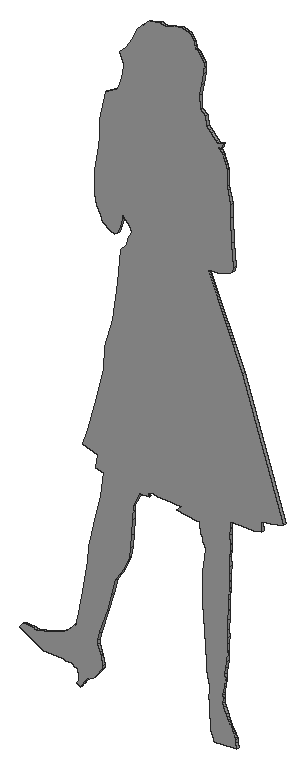
Revit family
Parameters (values of type "People_03_Multiple_views")
  built-in parameter 1005198 = (empty or 0)
  built-in parameter 1005195 = "d:\\byoh\\M25_HOL1_Santa.rpc"
  Assembly Code = ""
Reference planes (in)
  plane 1 "Center (Front/Back)": y = 0
  plane 2: z = 0
  plane 3 "Center (Left/Right)": x = 0
Forms (in)
  Extrusion 1, solid, material "Entourage-Figure"
    sketch origin (-11.98351, 0, -0.75959) x (1, 0, 0) y (0, 0, 1)
      loop
        line (17.92835, 0.30948) -> (18.08162, 0.33563) -> (18.24584, 0.34434) -> (18.47575, 0.3182) -> (18.67281, 0.34434) -> (18.83703, 0.3792) -> (19.08884, 0.38792) -> (19.26401, 0.40534) -> (19.59245, 0.42278) -> (19.71288, 0.45764) -> (19.93184, 0.49249) -> (19.79105, 0.94076) -> (19.79105, 1.26348) -> (19.63267, 1.64171) -> (19.44261, 2.07036) -> (19.22088, 2.37293) -> (18.55239, 3.90871) -> (18.43196, 4.28345) -> (18.4867, 4.64076) -> (18.4648, 5.02421) -> (18.49783, 5.27279) -> (18.61843, 5.80764) -> (18.68734, 6.5482) -> (18.65289, 7.04191) -> (18.75626, 7.70019) -> (18.85962, 8.27618) -> (18.89408, 9.27731) -> (18.91131, 9.97672) -> (18.96299, 10.55272) -> (18.94577, 11.34813) -> (18.98023, 12.28069) -> (19.04914, 13.17211) -> (19.04914, 14.20066) -> (19.11805, 15.27036) -> (19.15251, 15.96978) -> (19.15251, 16.66919) -> (19.16973, 17.32747) -> (19.13528, 18.24631) -> (19.23865, 18.80859) -> (19.23865, 19.48058) -> (19.20419, 20.38571) -> (19.25255, 21.00145) -> (19.25255, 21.58139) -> (20.93137, 21.65704) -> (21.69159, 21.6066) -> (22.48349, 21.80832) -> (22.54684, 21.83354) -> (22.51516, 22.74126) -> (22.61019, 22.79169) -> (23.43376, 22.94298) -> (24.16231, 23.01862) -> (24.85917, 23.3212) -> (20.52941, 36.07484) -> (16.9143, 44.56157) -> (17.91599, 44.63602) -> (19.20983, 45.08661) -> (19.48662, 45.33121) -> (19.58961, 45.72387) -> (19.38363, 48.02186) -> (19.26776, 50.27481) -> (19.28707, 51.53001) -> (18.92016, 53.24225) -> (18.94591, 54.7485) -> (18.36658, 56.11314) -> (18.04046, 56.49707) -> (18.32153, 56.58304) -> (18.48245, 57.00144) -> (17.90956, 56.88558) -> (16.74447, 58.11505) -> (16.6801, 59.0484) -> (16.09433, 59.50543) -> (16.01709, 60.78639) -> (16.2102, 61.75194) -> (16.42905, 62.93634) -> (16.49342, 63.992) -> (15.88191, 64.77089) -> (15.54075, 64.97044) -> (15.45063, 65.61413) -> (15.0451, 66.21277) -> (14.11174, 66.39944) -> (13.3393, 66.29001) -> (12.44456, 65.91024) -> (11.93604, 66.11622) -> (10.7452, 65.85873) -> (10.01782, 65.30515) -> (9.34194, 64.54559) -> (8.83341, 63.47062) -> (8.2734, 62.56943) -> (7.57177, 61.86137) -> (7.80994, 61.35929) -> (7.95155, 60.86364) -> (7.90649, 59.87877) -> (7.70051, 59.17071) -> (7.34004, 58.28884) -> (6.07195, 57.58722) -> (5.82735, 56.19039) -> (5.59561, 55.27633) -> (5.48618, 54.58758) -> (5.51837, 53.84089) -> (5.46044, 53.12639) -> (5.26089, 51.53001) -> (4.93904, 49.82421) -> (4.92617, 47.5069) -> (5.1579, 46.54137) -> (5.59561, 45.76893) -> (5.7501, 45.17029) -> (6.61266, 44.64246) -> (7.05681, 44.50728) -> (7.37222, 44.68108) -> (7.6297, 45.38915) -> (7.89362, 46.22595) -> (7.91478, 46.50584) -> (7.94511, 46.45125) -> (8.21546, 46.21952) -> (8.43432, 46.00066) -> (8.62743, 45.71744) -> (8.71755, 45.51789) -> (8.8656, 45.22178) -> (8.40857, 44.46866) -> (8.32489, 43.87646) -> (7.72626, 43.26494) -> (7.37866, 40.03358) -> (6.82508, 36.33876) -> (6.01402, 33.48717) -> (5.88528, 31.3694) -> (4.96479, 27.65526) -> (4.15373, 25.02254) -> (3.69027, 23.54847) -> (5.29344, 22.99374) -> (5.06778, 21.77186) -> (5.89197, 21.53488) -> (5.52481, 19.27432) -> (5.04847, 17.20804) -> (4.57213, 15.31557) -> (4.27603, 14.0153) -> (4.18592, 12.58629) -> (3.58728, 9.05883) -> (3.13025, 6.94106) -> (2.96933, 6.17506) -> (2.96983, 6.2666) -> (2.86583, 6.12311) -> (2.7549, 6.00168) -> (2.63009, 5.84715) -> (2.34582, 5.58775) -> (2.15169, 5.43873) -> (1.88821, 5.24004) -> (1.52074, 5.03583) -> (1.11166, 4.89232) -> (0.81352, 4.79298) -> (0.40445, 4.62741) -> (0.07858, 4.53358) -> (-0.42063, 4.40112) -> (-0.73957, 4.31281) -> (-1.15678, 4.29546) -> (-1.69048, 4.3706) -> (-1.95324, 4.40546) -> (-2.36926, 4.40546) -> (-2.66486, 4.27473) -> (-2.79623, 4.12658) -> (-2.92051, 3.89637) -> (-0.42296, 2.50598) -> (1.64689, 2.47462) -> (1.87504, 2.4223) -> (2.46724, 2.38368) -> (2.63522, 2.36907) -> (2.84953, 2.22284) -> (3.02243, 2.16029) -> (3.11674, 1.98512) -> (3.17961, 1.84749) -> (3.24248, 1.69734) -> (3.24248, 1.49715) -> (3.2582, 1.2344) -> (3.22676, 1.07175) -> (3.19533, 0.93412) -> (3.10102, 0.78398) -> (3.02243, 0.74644) -> (3.41538, 0.48369) -> (3.47825, 0.54625) -> (3.65115, 0.809) -> (3.79261, 0.95914) -> (3.96552, 1.20938) -> (4.13841, 1.39705) -> (4.26416, 1.55971) -> (4.37419, 1.62227) -> (4.48421, 1.68483) -> (4.68855, 1.77242) -> (4.81429, 1.86) -> (5.02272, 2.01034) -> (5.81447, 3.02094) -> (5.82091, 3.29773) -> (5.65355, 4.21179) -> (5.2802, 5.22883) -> (5.26089, 5.55067) -> (5.47331, 6.36173) -> (6.29725, 8.67261) -> (6.7414, 10.31404) -> (7.1598, 11.86535) -> (7.69407, 12.65066) -> (8.0996, 13.26218) -> (8.58237, 14.51095) -> (8.7433, 15.49581) -> (8.83985, 16.72527) -> (8.96215, 18.20578) -> (9.00721, 19.53823) -> (9.71125, 20.87122) -> (10.68727, 20.94793) -> (10.36542, 21.24403) -> (11.10567, 21.41139) -> (11.60132, 21.32771) -> (12.41881, 21.34058) -> (14.11818, 21.21828) -> (13.59678, 20.78056) -> (15.6373, 20.40079) -> (16.01397, 20.53273) -> (16.03419, 20.00171) -> (16.1031, 19.71372) -> (16.15478, 19.52172) -> (16.24093, 19.28858) -> (16.27538, 19.05544) -> (16.36152, 18.78117) -> (16.41321, 18.56174) -> (16.48212, 18.39717) -> (16.64529, 18.15184) -> (16.47411, 17.27885) -> (16.35825, 15.92065) -> (16.28744, 14.91004) -> (16.30675, 14.12473) -> (16.35825, 13.0047) -> (16.54492, 10.48784) -> (16.71849, 7.41585) -> (16.75017, 6.83591) -> (16.8452, 6.20555) -> (17.03525, 5.34825) -> (17.05251, 5.18979) -> (17.01967, 4.85863) -> (17.01967, 4.81505) -> (17.01967, 4.65819) -> (16.98682, 4.51875) -> (16.96493, 4.34446) -> (16.96493, 4.20502) -> (16.98682, 4.08301) -> (16.99777, 3.96972) -> (17.00872, 3.7867) -> (17.04156, 3.62112) -> (17.05251, 3.52526) -> (17.03525, 2.82679) -> (17.03525, 2.42336) -> (17.13028, 2.17121) -> (17.16195, 1.96949) -> (17.16195, 1.71735) -> (17.13028, 1.43999) -> (17.13028, 1.31391) -> (17.16195, 1.13741) -> (17.25698, 1.01134) -> (17.41536, 0.80962) -> (17.50138, 0.4901) -> (17.50138, 0.30077) -> (17.6218, 0.29205) -> (17.79697, 0.29205) -> (17.92835, 0.30948)
    from -0.09766 to 0.09766
